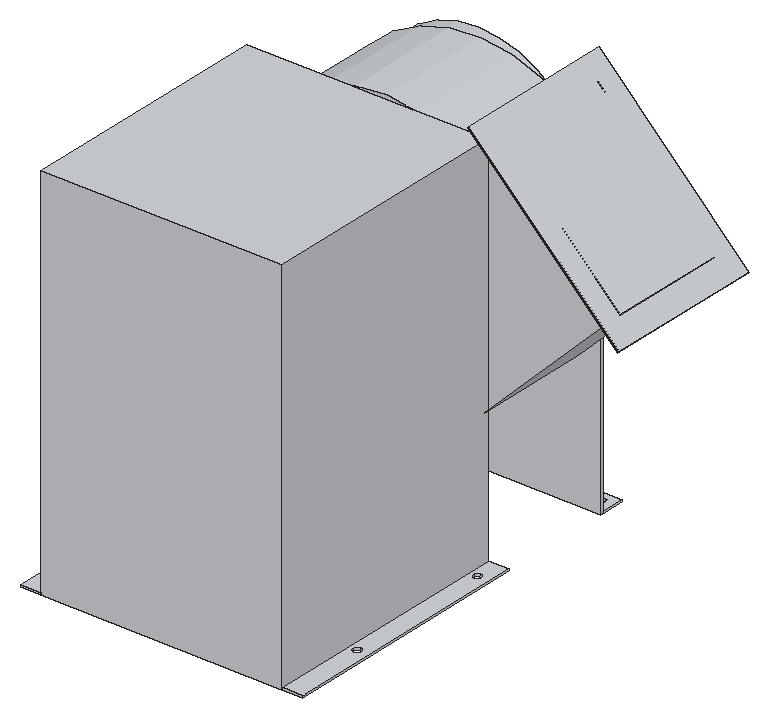
Revit family "CPFB_CCW_BAU", category Mechanical Equipment, Revit 2019
Family settings
  Round Connector Dimension = Use Radius
  Part Type = Normal
  Work Plane-Based = No
  Always vertical = Yes
  Cut with Voids When Loaded = No
  Shared = No
  Room Calculation Point = No
Parameters (values of type "100-CPFB_CCW_BAU")
  Z = 0' - 4 5/8"
  Y = 0' - 8 5/8"
  X = 1' - 2 1/16"
  W+M = W + M  # 1' - 5 1/8"
  W+1.5+K+L = W + 0' 1 1/2" + K + L  # 2' - 1 3/4"
  W+1.5 = W + 0' 1 1/2"  # 0' - 5 1/2"
  W = 0' - 4"
  V = 0' - 8"
  Unit Weight [instance] = ""
  U-.125 = U - 0' 0 1/8"  # 0' - 1 1/2"
  U = 0' - 1 5/8"
  T = 0' - 0 3/4"
  Sones [instance] = ""
  S/2 = S / 2  # 0' - 0 9/32"
  S = 0' - 0 9/16"
  R = 0' - 0 3/4"
  Q = 0' - 3"
  P-U = P - U  # 1' - 11 7/8"
  P = 2' - 1 1/2"
  N = 0' - 9 3/8"
  Motor RPM [instance] = ""
  Motor Enclosure [instance] = ""
  ModelID [instance] = ""
  M = 1' - 1 1/8"
  LwA [instance] = ""
  L = 0' - 10 1/4"
  K = 0' - 10"
  J = 0' - 10 3/4"
  H = 2' - 1 1/4"
  G-V = G - V  # 0' - 1 3/8"
  G = 0' - 9 3/8"
  Fan RPM [instance] = ""
  F-.125 = F - 0' 0 1/8"  # 0' - 8 11/16"
  F = 0' - 8 13/16"
  E-F = E - F  # 1' - 4 3/4"
  E = 2' - 1 9/16"
  D = 1' - 6"
  C/8*7 = C / 8 * 2.5  # 0' - 4 53/128"
  C/8 = C / 6  # 0' - 2.35417"
  C/2 = C / 2  # 0' - 7 1/16"
  C = 1' - 2 1/8"
  Brake Hp [instance] = ""
  B = 0' - 10 15/16"
  Accessories [instance] = ""
  A+.25 = A + 0' 0 1/4"  # 0' - 7 13/16"
  A = 0' - 7 9/16"
  CUT = 0' - 3 1/2"
  3" = 0' - 3"  # constant formula
  1'8" = 1' - 8"  # constant formula
  0 = 0' - 0"  # constant formula
  Voltage [instance] = 0 V
  URL = "www.lorencook.com"
  Type Comments = "Foward Curved Centrifugal Blower Counter-Clockwise Bottom Angular Up Arrangement 10"  # constant formula
  Static Pressure [instance] = 0.00 in-wg
  Power [instance] = Voltage * Motor FLA * sqrt(if(Phase = 3, 3, 1))  # 0 VA
  Phase [instance] = 0
  Number of Poles [instance] = 1
  Motor Hp [instance] = "0"
  Motor FLA [instance] = 0 A
  Model = "CPFB_CCW_BAU"  # constant formula
  Manufacturer = "Loren Cook Company"
  CFM [instance] = 0 CFM
  1.5 = 0' - 1 1/2"  # constant formula
  ONE EIGTH = 0' - 0 1/8"  # constant formula
  -1.5 = -0' - 1 1/2"  # constant formula
  -.125 = -0' - 0 1/8"  # constant formula
  -(A+.25) = -(A + 0' 0 1/4")  # -0' - 7 13/16"
  (C/2)-1.5 = (C / 2) - 0' 1 1/2"  # 0' - 5 9/16"
  (C/2)-.25 = (C / 2) - 0' 0 1/4"  # 0' - 6 13/16"
Types (9): name | Z | Y | X | W+M | W+1.5+K+L | W+1.5 | W | V | U-.125 | U | T | S/2 | S | R | Q | P-U | P | N | M | L | K | J | H | G-V | G | F-.125 | F | E-F | E | D | C/8*7 | C/8 | C/2 | C | B | A+.25 | A | CUT | -(A+.25) | (C/2)-1.5 | (C/2)-.25
  (no name) | 0' - 4 5/8" | 0' - 8 5/8" | 1' - 2 1/16" | 1' - 5 1/8" | 2' - 1 3/4" | 0' - 5 1/2" | 0' - 4" | 0' - 8" | 0' - 1 1/2" | 0' - 1 5/8" | 0' - 0 3/4" | 0' - 0 9/32" | 0' - 0 9/16" | 0' - 0 3/4" | 0' - 3" | 1' - 11 7/8" | 2' - 1 1/2" | 0' - 9 3/8" | 1' - 1 1/8" | 0' - 10 1/4" | 0' - 10" | 0' - 10 3/4" | 2' - 1 1/4" | 0' - 1 3/8" | 0' - 9 3/8" | 0' - 8 11/16" | 0' - 8 13/16" | 1' - 4 3/4" | 2' - 1 9/16" | 1' - 6" | 0' - 4 53/128" | 0' - 2.35417" | 0' - 7 1/16" | 1' - 2 1/8" | 0' - 10 15/16" | 0' - 7 13/16" | 0' - 7 9/16" | 0' - 3 1/2" | -0' - 7 13/16" | 0' - 5 9/16" | 0' - 6 13/16"
  150-CPFB_CCW_BAU | 0' - 6 9/16" | 0' - 8 5/8" | 1' - 7 5/8" | 1' - 7 1/8" | 2' - 7 5/8" | 0' - 5 1/2" | 0' - 4" | 0' - 8" | 0' - 1 1/2" | 0' - 1 5/8" | 0' - 0 3/4" | 0' - 0 9/32" | 0' - 0 9/16" | 0' - 0 3/4" | 0' - 3" | 2' - 4 11/16" | 2' - 6 5/16" | 1' - 1 1/4" | 1' - 3 1/8" | 1' - 2 1/8" | 1' - 0" | 1' - 2 5/8" | 2' - 5 1/16" | 0' - 1 3/8" | 0' - 9 3/8" | 1' - 1 1/8" | 1' - 1 1/4" | 1' - 10 7/16" | 2' - 11 11/16" | 1' - 7 1/16" | 0' - 5 125/128" | 0' - 3 3/16" | 0' - 9 9/16" | 1' - 7 1/8" | 1' - 4 7/16" | 0' - 11 11/16" | 0' - 11 7/16" | 0' - 2" | -0' - 11 11/16" | 0' - 8 1/16" | 0' - 9 5/16"
  180-CPFB_CCW_BAU | 0' - 7 3/4" | 0' - 9 5/8" | 1' - 10 7/8" | 1' - 7 1/8" | 2' - 9 15/16" | 0' - 5 1/2" | 0' - 4" | 0' - 9" | 0' - 1 1/2" | 0' - 1 5/8" | 0' - 0 3/4" | 0' - 0 9/32" | 0' - 0 9/16" | 0' - 1" | 0' - 3" | 2' - 10" | 2' - 11 5/8" | 1' - 3 9/16" | 1' - 3 1/8" | 1' - 4 7/16" | 1' - 0" | 1' - 4 15/16" | 2' - 9 9/16" | 0' - 1 3/8" | 0' - 10 3/8" | 1' - 3 3/4" | 1' - 3 7/8" | 2' - 2 5/16" | 3' - 6 3/16" | 1' - 10 1/16" | 0' - 7 23/256" | 0' - 3 25/32" | 0' - 11 11/32" | 1' - 10 11/16" | 1' - 7 11/16" | 1' - 2" | 1' - 1 3/4" | 0' - 2" | -1' - 2" | 0' - 9 27/32" | 0' - 11 3/32"
  220-CPFB_CCW_BAU | 0' - 9 7/16" | 0' - 11 1/8" | 2' - 3 13/16" | 1' - 11 1/8" | 3' - 5 3/8" | 0' - 6 1/2" | 0' - 5" | 0' - 10 1/2" | 0' - 1 1/2" | 0' - 1 5/8" | 0' - 0 3/4" | 0' - 0 9/32" | 0' - 0 9/16" | 0' - 1" | 0' - 4" | 3' - 6 1/4" | 3' - 7 7/8" | 1' - 7" | 1' - 6 1/8" | 1' - 7 7/8" | 1' - 3" | 1' - 8 7/16" | 3' - 5" | 0' - 1 3/8" | 0' - 11 7/8" | 1' - 7 3/4" | 1' - 7 7/8" | 2' - 7 7/8" | 4' - 3 3/4" | 2' - 3" | 0' - 8 147/256" | 0' - 4.57292" | 1' - 1 23/32" | 2' - 3 7/16" | 2' - 0 5/8" | 1' - 5 7/16" | 1' - 5 3/16" | 0' - 2" | -1' - 5 7/16" | 1' - 0 7/32" | 1' - 1 15/32"
  250-CPFB_CCW_BAU | 0' - 10 1/2" | 1' - 0 3/8" | 2' - 7" | 1' - 11 1/8" | 3' - 7 3/16" | 0' - 6 1/2" | 0' - 5" | 0' - 11 1/2" | 0' - 2" | 0' - 2 1/8" | 0' - 1" | 0' - 0 11/32" | 0' - 0 11/16" | 0' - 1" | 0' - 4" | 3' - 9 7/8" | 4' - 0" | 1' - 9 1/16" | 1' - 6 1/8" | 1' - 9 11/16" | 1' - 3" | 1' - 11" | 3' - 8 5/8" | 0' - 1 7/8" | 1' - 1 3/8" | 1' - 9 1/2" | 1' - 9 5/8" | 2' - 10 3/16" | 4' - 7 13/16" | 2' - 5 5/8" | 0' - 9 51/256" | 0' - 4 29/32" | 1' - 2 23/32" | 2' - 5 7/16" | 2' - 2 13/16" | 1' - 7" | 1' - 6 3/4" | 0' - 2" | -1' - 7" | 1' - 1 7/32" | 1' - 2 15/32"
  270-CPFB_CCW_BAU | 0' - 11 7/16" | 1' - 1 3/8" | 2' - 9 3/4" | 2' - 2 1/8" | 4' - 0 1/16" | 0' - 6 1/2" | 0' - 5" | 1' - 0 1/2" | 0' - 2" | 0' - 2 1/8" | 0' - 1" | 0' - 0 11/32" | 0' - 0 11/16" | 0' - 1" | 0' - 4" | 4' - 2 1/2" | 4' - 4 5/8" | 1' - 10 15/16" | 1' - 9 1/8" | 1' - 11 9/16" | 1' - 6" | 2' - 0 7/8" | 4' - 0 7/8" | 0' - 1 7/8" | 1' - 2 3/8" | 1' - 11 3/4" | 1' - 11 7/8" | 3' - 1 5/16" | 5' - 1 3/16" | 2' - 8 3/8" | 0' - 9 251/256" | 0' - 5.32292" | 1' - 3 31/32" | 2' - 7 15/16" | 2' - 5 9/16" | 1' - 8 7/8" | 1' - 8 5/8" | 0' - 2 1/4" | -1' - 8 7/8" | 1' - 2 15/32" | 1' - 3 23/32"
  300-CPFB_CCW_BAU | 1' - 0 5/8" | 1' - 2 5/16" | 3' - 1" | 2' - 2 3/16" | 4' - 2 1/2" | 0' - 6 1/2" | 0' - 5" | 1' - 1 1/2" | 0' - 2" | 0' - 2 1/8" | 0' - 1" | 0' - 0 11/32" | 0' - 0 11/16" | 0' - 1 3/16" | 0' - 4" | 4' - 8" | 4' - 10 1/8" | 2' - 1 5/16" | 1' - 9 3/16" | 2' - 2" | 1' - 6" | 2' - 3 3/16" | 4' - 5 5/8" | 0' - 1 13/16" | 1' - 3 5/16" | 2' - 2 3/8" | 2' - 2 1/2" | 3' - 6 3/8" | 5' - 8 7/8" | 2' - 11 5/8" | 0' - 10 235/256" | 0' - 5.82292" | 1' - 5 15/32" | 2' - 10 15/16" | 2' - 8 13/16" | 1' - 11 3/16" | 1' - 10 15/16" | 0' - 2 1/2" | -1' - 11 3/16" | 1' - 3 31/32" | 1' - 5 7/32"
  120-CPFB_CCW_BAU | 0' - 5 7/16" | 0' - 8 5/8" | 1' - 4 5/16" | 1' - 5 1/8" | 2' - 3 3/8" | 0' - 5 1/2" | 0' - 4" | 0' - 8" | 0' - 1 1/2" | 0' - 1 5/8" | 0' - 0 3/4" | 0' - 0 9/32" | 0' - 0 9/16" | 0' - 0 3/4" | 0' - 3" | 2' - 1 3/8" | 2' - 3" | 0' - 11" | 1' - 1 1/8" | 0' - 11 7/8" | 0' - 10" | 1' - 0 3/8" | 2' - 2 1/4" | 0' - 1 3/8" | 0' - 9 3/8" | 0' - 10 1/2" | 0' - 10 5/8" | 1' - 6 11/16" | 2' - 5 5/16" | 1' - 6" | 0' - 5 5/128" | 0' - 2 11/16" | 0' - 8 1/16" | 1' - 4 1/8" | 1' - 1 1/8" | 0' - 9 7/16" | 0' - 9 3/16" | 0' - 2 1/2" | -0' - 9 7/16" | 0' - 6 9/16" | 0' - 7 13/16"
  100-CPFB_CCW_BAU | 0' - 4 5/8" | 0' - 8 5/8" | 1' - 2 1/16" | 1' - 5 1/8" | 2' - 1 3/4" | 0' - 5 1/2" | 0' - 4" | 0' - 8" | 0' - 1 1/2" | 0' - 1 5/8" | 0' - 0 3/4" | 0' - 0 9/32" | 0' - 0 9/16" | 0' - 0 3/4" | 0' - 3" | 1' - 11 7/8" | 2' - 1 1/2" | 0' - 9 3/8" | 1' - 1 1/8" | 0' - 10 1/4" | 0' - 10" | 0' - 10 3/4" | 2' - 1 1/4" | 0' - 1 3/8" | 0' - 9 3/8" | 0' - 8 11/16" | 0' - 8 13/16" | 1' - 4 3/4" | 2' - 1 9/16" | 1' - 6" | 0' - 4 53/128" | 0' - 2.35417" | 0' - 7 1/16" | 1' - 2 1/8" | 0' - 10 15/16" | 0' - 7 13/16" | 0' - 7 9/16" | 0' - 3 1/2" | -0' - 7 13/16" | 0' - 5 9/16" | 0' - 6 13/16"
Reference planes (in)
  plane 1 "Center (Front/Back)": y = 0
  plane 2: z = 0
  plane 3 "Center (Left/Right)": x = 0.40541
Forms (in)
  Extrusion 1, solid
    sketch origin (0, 0, 0) x (1, 0, 0) y (0, 1, 0)
      loop
        line (-7.59459, 0) -> (-7.59459, -17.125) -> (8.40541, -17.125) -> (8.40541, 0) -> (-7.59459, 0)
    from 0 to 25.25 <- "H"
  Extrusion 2, solid
    sketch origin (0, 0, 0) x (1, 0, 0) y (0, 1, 0)
      loop
        line (-7.59459, 0) -> (-8.96959, 0) -> (-8.96959, -17.125) -> (-7.59459, -17.125) -> (-7.59459, 0)
      loop
        line (8.40541, 0) -> (8.40541, -17.125) -> (9.78041, -17.125) -> (9.78041, 0) -> (8.40541, 0)
    from 0 to 0.125 <- "ONE EIGTH"
  Extrusion 3, solid
    sketch origin (0, 0, 0) x (1, 0, 0) y (0, 1, 0)
      loop
        line (-8.96959, 9.375) -> (-8.96959, 7.8125) -> (9.78041, 7.8125) -> (9.78041, 9.375) -> (-8.96959, 9.375)
    from 0 to 0.125 <- "ONE EIGTH"
  Extrusion 4, solid
    sketch origin (9.78041, 7.8125, 0) x (-1, 0, 0) y (0, 0, -1)
      loop
        line (18.75, 0) -> (0, 0) -> (0, -18) -> (18.75, -18) -> (18.75, 0)
    from 0 to 0.125 <- "ONE EIGTH"
  Extrusion 5, void
    sketch origin (9.78041, 7.8125, 0) x (1, 0, 0) y (0, 0, -1)
      loop
        circle (-9.375, -18) r 7.0625
    from -0.125 <- "-.125" to 0 <- "0"
  Extrusion 6, void
    sketch origin (0, 0, 0) x (1, 0, 0) y (0, 1, 0)
      loop
        circle (9.03041, -1.625) r 0.28125
      loop
        circle (9.03041, -11.625) r 0.28125
      loop
        circle (-8.21959, -11.625) r 0.28125
      loop
        circle (-8.21959, -1.625) r 0.28125
    from -12 to 12
  Extrusion 7, void
    sketch origin (0, 0, 0) x (1, 0, 0) y (0, 1, 0)
      loop
        circle (9.03041, 8.625) r 0.28125
      loop
        circle (-8.21959, 8.625) r 0.28125
    from -0.125 <- "-.125" to 0.125 <- "ONE EIGTH"
  Extrusion 8, solid
    sketch origin (9.78041, 7.6875, 0) x (-1, 0, 0) y (0, 0, -1)
      loop
        circle (9.375, -18) r 7.0625
      loop
        circle (9.375, -18) r 6.8125
    from 0 to -1.5 <- "-1.5"
  Extrusion 9, solid
    sketch origin (12.84666, 0, 4.98541) x (0.707107, 0, 0.707107) y (-0.707107, 0, 0.707107)
      loop
        line (12.13396, 16.97797) -> (9.13396, 16.97797)
        arc (9.13396, 16.97797) -> (-7.81786, 22.21295) -> (-0.52267, 6.04047) r 9.73162
        line (-0.52267, 6.04047) -> (12.13396, 6.04047) -> (12.13396, 16.97797)
    from 0 to -7.8125 <- "-(A+.25)"
  Revolve 10, void
    sketch origin (0.40541, 0, 0) x (0, 1, 0) y (0, 0, 1)
      loop
        line (7.8125, 23.5625) -> (5.45833, 22.41406) -> (5.45833, 18) -> (7.8125, 18) -> (7.8125, 23.5625)
      axis (5.45833, 18) -> (7.8125, 18)
    angle from 0 to 360
  Extrusion 11, solid
    sketch origin (9.42143, 0, 25.57065) x (0.707107, 0, -0.707107) y (0, 1, 0)
      loop
        line (-1.5, 9.25) -> (-1.5, -1.5) -> (12.5625, -1.5) -> (12.5625, 9.25) -> (-1.5, 9.25)
    from 0 to -0.125
Cuts and joins
  Extrusion 5, Extrusion 7, Revolve 10 cuts Extrusion 4
  Extrusion 6 cuts Extrusion 1
  Extrusion 6 cuts Extrusion 2
  Extrusion 7 cuts Extrusion 3
  Revolve 10 cuts Extrusion 8
  Revolve 10 cuts Extrusion 9
Dimensions and locks (in)
  "0": Extrusion 1 sketch curve to plane 1 "Center (Front/Back)"
  "W+M": plane 1 "Center (Front/Back)" to Extrusion 1 sketch curve
  "V": plane 3 "Center (Left/Right)" to Extrusion 1 sketch curve
  "V": Extrusion 1 sketch curve to plane 3 "Center (Left/Right)"
  "0": Extrusion 2 sketch curve to plane 1 "Center (Front/Back)"  (x2)
  "0": Extrusion 1 to Extrusion 2 sketch curve  (x2)
  "0": Extrusion 2 sketch curve to Extrusion 1  (x2)
  "G-V": Extrusion 2 sketch curve to Extrusion 2 sketch curve  (x2)
  "N": plane 1 "Center (Front/Back)" to Extrusion 3 sketch curve
  "A+.25": Extrusion 3 sketch curve to plane 1 "Center (Front/Back)"
  "0": Extrusion 2 to Extrusion 3 sketch curve  (x2)
  "0": Extrusion 1 to Extrusion 4 sketch curve
  "D": Extrusion 4 sketch curve to Extrusion 4 sketch curve
  "0": Extrusion 4 sketch curve to Extrusion 2  (x2)
  "D": Extrusion 1 to Extrusion 5 sketch curve
  "V": Extrusion 1 to Extrusion 5 sketch curve
  "Y": plane 3 "Center (Left/Right)" to Extrusion 6 sketch curve  (x2)
  "Y": Extrusion 6 sketch curve to plane 3 "Center (Left/Right)"  (x2)
  "W+1.5": Extrusion 1 to Extrusion 6 sketch curve  (x2)
  "K": Extrusion 6 sketch curve to Extrusion 6 sketch curve  (x2)
  "W+1.5+K+L": cut or joined group of Extrusion 1, Extrusion 6 to Extrusion 7 sketch curve  (x2)
  "V": cut or joined group of Extrusion 1, Extrusion 6 to Extrusion 8 sketch curve  (x2)
  "D": Extrusion 8 sketch curve to cut or joined group of Extrusion 1, Extrusion 6  (x2)
  "D": Revolve 10 sketch curve to level  (x2)
  "0": Extrusion 9 to Revolve 10 sketch curve
  "C/8*7": Revolve 10 sketch curve to Revolve 10 sketch curve
  "(C/2)-1.5": Revolve 10 sketch curve to Revolve 10 sketch curve
  "C/8": Extrusion 9 to Revolve 10 sketch curve
  "T": Extrusion 7 sketch curve to cut or joined group of Extrusion 3, Extrusion 7
  "T": cut or joined group of Extrusion 3, Extrusion 7 to Extrusion 7 sketch curve
  "B": Extrusion 9 sketch curve to Extrusion 9 sketch curve
  "3"": Extrusion 9 sketch curve to Extrusion 9 sketch curve
  "E-F": Extrusion 9 sketch curve to plane 3 "Center (Left/Right)"
  "F": plane 3 "Center (Left/Right)" to Extrusion 9 sketch curve
  "P": Extrusion 9 sketch curve to level
  "U-.125": cut or joined group of Extrusion 9, Revolve 10 to Extrusion 11 sketch curve
  "J": Extrusion 11 sketch curve to Extrusion 11 sketch curve
  "X": Extrusion 11 sketch curve to Extrusion 11 sketch curve
  "U": cut or joined group of Extrusion 9, Revolve 10 to Extrusion 11 sketch curve
  "C/2": radius of Extrusion 5 sketch curve
  "S/2": radius of Extrusion 6 sketch curve  (x4)
  "S/2": radius of Extrusion 7 sketch curve  (x2)
  "C/2": radius of Extrusion 8 sketch curve
  "(C/2)-.25": radius of Extrusion 8 sketch curve
Automatic sketch dimensions
  Revolve 10 sketch curve to Revolve 10 sketch curve = 0' - 0.60417"
  Revolve 10 sketch curve to Revolve 10 sketch curve = 0' - 3.54487"
Connectors (in)
  hvac at (0.40541, 9.1875, 18), driven by "C/2"
    settings: on cut or joined group of Extrusion 8, Revolve 10, index 2, duct flow 0 CFM, flow factor 0, pres drop 0.00 in-wg, loss coef 0, conn angle 0.00°, conn width 12", conn height 12", conn diameter 14 1/8", duct sys type 29, conn prof type 0, flow config 0, flow direction 1, loss method 0, conn ref index -1, conn util no, is conn primary yes, conn desc ""
  electrical at (-7.59459, -8.5625, 12.625)
    settings: on cut or joined group of Extrusion 1, Extrusion 6, index 3, voltage 0 V, apparent load 0 VA, apparent load phase1 0 VA, apparent load phase2 0 VA, apparent load phase3 0 VA, power factor 1, load classification "Other", number of poles 1, system type 30, power factor state 1, is connector primary yes, connector utility no, sub classification motor no, connector description ""
  hvac at (13.33262, 3.875, 21.65946), driven by "A", driven by "B"
    settings: on Extrusion 11, index 4, duct flow 0 CFM, flow factor 0, pres drop 0.00 in-wg, loss coef 0, conn angle 0.00°, conn width 10 15/16", conn height 7 9/16", conn diameter 24", duct sys type 29, conn prof type 1, flow config 0, flow direction 2, loss method 0, conn ref index -1, conn util no, is conn primary no, conn desc ""
